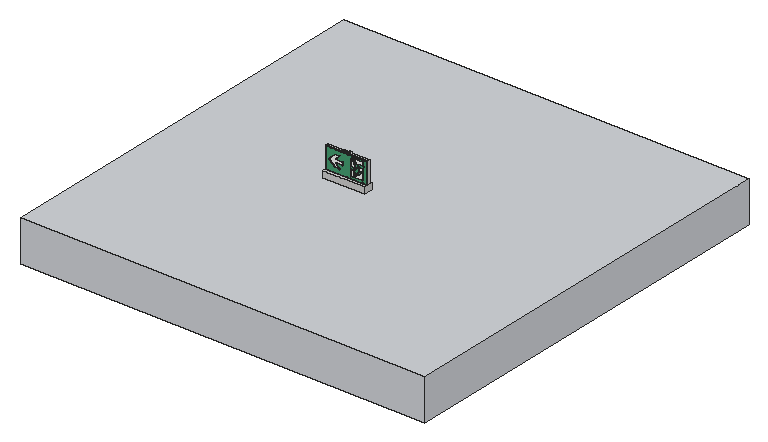
Revit family
Parameters (values of type "PURESIGN 150 AD NSI + RZ-LR ERI")
  Width = 310 mm  # constant formula
  Wattage Comments = ""
  Wattage = 0.38373 W
  built-in parameter 1150110 = 1 (stored number, unit not read)
  Voltage = 230 V
  URL = "http://www.zumtobel.com/42180917"
  Type Comments = "© Zumtobel. We reserve the right to make technical changes without prior notice."  # constant formula
  built-in parameter 1114217 = 1 (stored number, unit not read)
  Tilt Angle = 180.00°
  built-in parameter 1150109 = 1 (stored number, unit not read)
  built-in parameter 1150134 = 12
  built-in parameter 1150113 = 1 (stored number, unit not read)
  Photometric Web File = "D31336AA_NE2_NSI.IES"
  built-in parameter 1150105 = 4.5359 (stored number, unit not read)
  Lumens = 57 lm
  built-in parameter 1150115 = 1 (stored number, unit not read)
  built-in parameter 1150137 = (empty or 0)
  built-in parameter 1150139 = (empty or 0)
  built-in parameter 1150112 = 1 (stored number, unit not read)
  built-in parameter 1150114 = 1 (stored number, unit not read)
  built-in parameter 1150132 = 2
  built-in parameter 1150102 = (empty or 0)
  built-in parameter 1150107 = 4000 (stored number, unit not read)
  built-in parameter 1150138 = (empty or 0)
  built-in parameter 1150106 = 0.045359 (stored number, unit not read)
  Height = 209.5 mm  # constant formula
  Escape Left & Right = yes
  Escape Bottom = no
  Emit from Rectangle Width = 155 mm
  Emit from Rectangle Length = 305 mm
  Emit Shape Visible in Rendering = no
  built-in parameter 1150104 = 13.8 (stored number, unit not read)
  ERI = yes
  Dimming Lamp Color Temperature Shift = (empty or 0)
  Depth = 65 mm  # constant formula
  Model = "42180917+22168672"
  Manufacturer = "Zumtobel Lighting"  # constant formula
  Lamp = "LED"
  Description = if(ERI, "Escape sign + ERI LED luminaire ceiling surface-mount", "Escape sign LED luminaire ceiling surface-mount")  # "Escape sign + ERI LED luminaire ceiling surface-mount"
  Default Elevation = 0 mm
  Color Filter = 16777215
  Body = Zumtobel_Metal_Aluminium
  built-in parameter 1114218 = 1 (stored number, unit not read)
  built-in parameter 1150133 = 10 (stored number, unit not read)
  Assembly Code = "D5020200"
  Apparent Load = 5 VA
Types (8, lengths in mm): name | Wattage | URL | Photometric Web File | built-in parameter 1150105 | Lumens | built-in parameter 1150106 | Escape Left & Right | Escape Bottom | ERI | Model | Description | Apparent Load
  PURESIGN 150 AD NT1 + RZ-U | 0.302945 W | "http://www.zumtobel.com/42180886" | "D31336AA_NE2_NT1.IES" | 16.03 (stored number, unit not read) | 45 lm | 0.1603 (stored number, unit not read) | no | yes | no | "42180886+22168644" | "Escape sign LED luminaire ceiling surface-mount" | 4.5 VA
  PURESIGN 150 AD NSI + RZ-LR | 0.302945 W | "http://www.zumtobel.com/42180883" | "D31336AA_NE2_NSI.IES" | 16.03 (stored number, unit not read) | 45 lm | 0.1603 (stored number, unit not read) | yes | no | no | "42180883+22168643" | "Escape sign LED luminaire ceiling surface-mount" | 5 VA
  PURESIGN 150 AD NSI + RZ-U | 0.302945 W | "http://www.zumtobel.com/42180883" | "D31336AA_NE2_NSI.IES" | 16.03 (stored number, unit not read) | 45 lm | 0.1603 (stored number, unit not read) | no | yes | no | "42180883+22168644" | "Escape sign LED luminaire ceiling surface-mount" | 5 VA
  PURESIGN 150 AD NT1 + RZ-LR | 0.302945 W | "http://www.zumtobel.com/42180886" | "D31336AA_NE2_NSI.IES" | 16.03 (stored number, unit not read) | 45 lm | 0.1603 (stored number, unit not read) | yes | no | no | "42180886+22168643" | "Escape sign LED luminaire ceiling surface-mount" | 4.5 VA
  PURESIGN 150 AD NT1 + RZ-U ERI | 0.38373 W | "http://www.zumtobel.com/42180920" | "D31336AA_NE2_NT1.IES" | 4.5359 (stored number, unit not read) | 57 lm | 0.045359 (stored number, unit not read) | no | yes | yes | "42180920+22168673" | "Escape sign + ERI LED luminaire ceiling surface-mount" | 4.5 VA
  PURESIGN 150 AD NT1 + RZ-LR ERI | 0.38373 W | "http://www.zumtobel.com/42180920" | "D31336AA_NE2_NT1.IES" | 4.5359 (stored number, unit not read) | 57 lm | 0.045359 (stored number, unit not read) | yes | no | yes | "42180920+22168672" | "Escape sign + ERI LED luminaire ceiling surface-mount" | 4.5 VA
  PURESIGN 150 AD NSI + RZ-U ERI | 0.38373 W | "http://www.zumtobel.com/42180917" | "D31336AA_NE2_NSI.IES" | 4.5359 (stored number, unit not read) | 57 lm | 0.045359 (stored number, unit not read) | no | yes | yes | "42180917+22168673" | "Escape sign + ERI LED luminaire ceiling surface-mount" | 5 VA
  PURESIGN 150 AD NSI + RZ-LR ERI | 0.38373 W | "http://www.zumtobel.com/42180917" | "D31336AA_NE2_NSI.IES" | 4.5359 (stored number, unit not read) | 57 lm | 0.045359 (stored number, unit not read) | yes | no | yes | "42180917+22168672" | "Escape sign + ERI LED luminaire ceiling surface-mount" | 5 VA
Reference planes
  plane 1 "Center (Front/Back)": y = 0
  plane 2 "Bottom": z = 0
  plane 3 "Back": y = 80
  plane 4 "Front": y = -80
  plane 5 "Center (Left/Right)": x = -735.5
  plane 6 "Light Source Axis": z = 129.5
  plane 7 "Left": x = -890.5
  plane 8 "Right": x = -580.5
  plane 9 "Body Top": z = 49.5
  plane 10: z = 209.5
  plane 11: z = 49.5
Forms (mm)
  Extrusion 1, solid
    sketch origin (123, 0, 0) x (1, 0, 0) y (0, 1, 0)
      loop
        line (-2085.5, 1500) -> (-2085.5, -1500) -> (914.5, -1500) -> (914.5, 1500) -> (-2085.5, 1500)
    from 0 to -304.8
  Extrusion 2, solid, material "Zumtobel_Metal_Aluminium" <- "Body"
    sketch origin (0, 0, 0) x (1, 0, 0) y (0, 1, 0)
      loop
        line (-890.5, 32.5) -> (-890.5, -32.5) -> (-580.5, -32.5) -> (-580.5, 32.5) -> (-890.5, 32.5)
    from 49.5 to 0
  Extrusion 3, solid, material "Zumtobel_Escape_Sign_Green_Self_Illumination", visible <- "Escape Bottom"
    sketch origin (0, 0, -290.5) x (1, 0, 0) y (0, 0, 1)
      loop
        line (-653.853, 428.358) -> (-651.685, 449.523)
        arc (-651.685, 449.523) -> (-650.098, 453.355) -> (-646.266, 454.942) r 5.42
        line (-646.266, 454.942) -> (-605.191, 454.942)
        arc (-605.191, 454.942) -> (-610.804, 446.945) -> (-620.08, 443.875) r 15.55
        line (-620.08, 443.875) -> (-638.222, 443.875)
        arc (-638.222, 443.875) -> (-639.916, 443.173) -> (-640.618, 441.479) r 2.396
        line (-640.618, 441.479) -> (-641.645, 425.619)
        arc (-641.645, 425.619) -> (-642.427, 420.108) -> (-644.041, 414.78) r 36.444
        line (-644.041, 414.78) -> (-652.084, 398.521) -> (-641.987, 398.521)
        arc (-641.987, 398.521) -> (-641.138, 398.917) -> (-640.504, 399.605) r 2.419
        line (-640.504, 399.605) -> (-632.537, 412.595)
        arc (-632.537, 412.595) -> (-626.032, 414.154) -> (-624.473, 407.649) r 4.73
        line (-624.473, 407.649) -> (-632.574, 394.186)
        arc (-632.574, 394.186) -> (-636.651, 390.46) -> (-642.101, 389.565) r 9.697
        line (-642.101, 389.565) -> (-668.115, 389.565)
        arc (-668.115, 389.565) -> (-674.077, 391.815) -> (-678.786, 396.109) r 16.93
        line (-678.786, 396.109) -> (-687.626, 407.934) -> (-701.546, 407.934) -> (-701.546, 355.05) -> (-616.828, 355.05) -> (-616.828, 441.529)
        arc (-616.828, 441.529) -> (-607.672, 446.126) -> (-602.452, 454.942) r 18.189
        line (-602.452, 454.942) -> (-602.452, 457.738) -> (-616.828, 457.738) -> (-616.828, 476.336) -> (-608.164, 485) -> (-664.125, 485) -> (-672.132, 477.526)
        arc (-672.132, 477.526) -> (-675.189, 475.513) -> (-678.74, 474.624) r 10.907
        line (-678.74, 474.624) -> (-687.911, 474.624) -> (-677.077, 485) -> (-692.881, 485) -> (-701.546, 476.336) -> (-701.546, 417.804) -> (-685.344, 417.804)
        arc (-685.344, 417.804) -> (-682.127, 416.399) -> (-679.582, 413.981) r 10.138
        line (-679.582, 413.981) -> (-673.249, 405.424) -> (-665.434, 421.797) -> (-689.794, 471.715) -> (-679.582, 471.715)
        arc (-679.582, 471.715) -> (-676.908, 470.985) -> (-674.976, 468.998) r 5.263
        line (-674.976, 468.998) -> (-653.853, 428.358)
      loop
        line (-825.836, 368.414) -> (-799.195, 368.414) -> (-799.195, 422.664) -> (-767.953, 389.161) -> (-767.953, 423.799) -> (-812.516, 471.586) -> (-857.078, 423.799) -> (-857.078, 389.161) -> (-825.836, 422.664) -> (-825.836, 368.414)
      loop
        circle (-670.78, 377.395) r 10.133
      loop
        line (-583, 342.5) -> (-583, 497.5) -> (-888, 497.5) -> (-888, 342.5) -> (-583, 342.5)
    from -10 to 10
  Extrusion 4, solid, material "Zumtobel_Escape_Sign_White_Self_Illumination", visible <- "Escape Bottom"
    sketch origin (0, 0, -290.5) x (1, 0, 0) y (0, 0, 1)
      loop
        line (-653.853, 428.358) -> (-651.685, 449.523)
        arc (-651.685, 449.523) -> (-650.098, 453.355) -> (-646.266, 454.942) r 5.42
        line (-646.266, 454.942) -> (-605.191, 454.942)
        arc (-605.191, 454.942) -> (-610.804, 446.945) -> (-620.08, 443.875) r 15.55
        line (-620.08, 443.875) -> (-638.222, 443.875)
        arc (-638.222, 443.875) -> (-639.916, 443.173) -> (-640.618, 441.479) r 2.396
        line (-640.618, 441.479) -> (-641.645, 425.619)
        arc (-641.645, 425.619) -> (-642.427, 420.108) -> (-644.041, 414.78) r 36.444
        line (-644.041, 414.78) -> (-652.084, 398.521) -> (-641.987, 398.521)
        arc (-641.987, 398.521) -> (-641.138, 398.917) -> (-640.504, 399.605) r 2.419
        line (-640.504, 399.605) -> (-632.537, 412.595)
        arc (-632.537, 412.595) -> (-626.032, 414.154) -> (-624.473, 407.649) r 4.73
        line (-624.473, 407.649) -> (-632.574, 394.186)
        arc (-632.574, 394.186) -> (-636.651, 390.46) -> (-642.101, 389.565) r 9.697
        line (-642.101, 389.565) -> (-668.115, 389.565)
        arc (-668.115, 389.565) -> (-674.077, 391.815) -> (-678.786, 396.109) r 16.93
        line (-678.786, 396.109) -> (-687.626, 407.934) -> (-701.546, 407.934) -> (-701.546, 355.05) -> (-616.828, 355.05) -> (-616.828, 441.529)
        arc (-616.828, 441.529) -> (-607.672, 446.126) -> (-602.452, 454.942) r 18.189
        line (-602.452, 454.942) -> (-602.452, 457.738) -> (-616.828, 457.738) -> (-616.828, 476.336) -> (-608.164, 485) -> (-664.125, 485) -> (-672.132, 477.526)
        arc (-672.132, 477.526) -> (-675.189, 475.513) -> (-678.74, 474.624) r 10.907
        line (-678.74, 474.624) -> (-687.911, 474.624) -> (-677.077, 485) -> (-692.881, 485) -> (-701.546, 476.336) -> (-701.546, 417.804) -> (-685.344, 417.804)
        arc (-685.344, 417.804) -> (-682.127, 416.399) -> (-679.582, 413.981) r 10.138
        line (-679.582, 413.981) -> (-673.249, 405.424) -> (-665.434, 421.797) -> (-689.794, 471.715) -> (-679.582, 471.715)
        arc (-679.582, 471.715) -> (-676.908, 470.985) -> (-674.976, 468.998) r 5.263
        line (-674.976, 468.998) -> (-653.853, 428.358)
      loop
        line (-825.836, 368.414) -> (-799.195, 368.414) -> (-799.195, 422.664) -> (-767.953, 389.161) -> (-767.953, 423.799) -> (-812.516, 471.586) -> (-857.078, 423.799) -> (-857.078, 389.161) -> (-825.836, 422.664) -> (-825.836, 368.414)
      loop
        circle (-670.78, 377.395) r 10.133
    from -10 to 10
  Extrusion 5, solid, material "Zumtobel_Metal_Aluminium" <- "Body"
    sketch origin (0, 0, -290.5) x (1, 0, 0) y (0, 0, 1)
      loop
        line (-888, 497.5) -> (-888, 342.5) -> (-583, 342.5) -> (-583, 497.5) -> (-888, 497.5)
      loop
        line (-890.5, 500) -> (-890.5, 340) -> (-580.5, 340) -> (-580.5, 500) -> (-890.5, 500)
    from -10 to 10
  Extrusion 6, solid, material "Zumtobel_Escape_Sign_Green_Self_Illumination", visible <- "Escape Left & Right"
    sketch origin (-500, 0, -290.5) x (1, 0, 0) y (0, 0, 1)
      loop
        line (-153.853, 428.358) -> (-151.685, 449.523)
        arc (-151.685, 449.523) -> (-150.098, 453.355) -> (-146.266, 454.942) r 5.42
        line (-146.266, 454.942) -> (-105.191, 454.942)
        arc (-105.191, 454.942) -> (-110.804, 446.945) -> (-120.08, 443.875) r 15.55
        line (-120.08, 443.875) -> (-138.222, 443.875)
        arc (-138.222, 443.875) -> (-139.916, 443.173) -> (-140.618, 441.479) r 2.396
        line (-140.618, 441.479) -> (-141.645, 425.619)
        arc (-141.645, 425.619) -> (-142.427, 420.108) -> (-144.041, 414.78) r 36.444
        line (-144.041, 414.78) -> (-152.084, 398.521) -> (-141.987, 398.521)
        arc (-141.987, 398.521) -> (-141.138, 398.917) -> (-140.504, 399.605) r 2.419
        line (-140.504, 399.605) -> (-132.537, 412.595)
        arc (-132.537, 412.595) -> (-126.032, 414.154) -> (-124.473, 407.649) r 4.73
        line (-124.473, 407.649) -> (-132.574, 394.186)
        arc (-132.574, 394.186) -> (-136.651, 390.46) -> (-142.101, 389.565) r 9.697
        line (-142.101, 389.565) -> (-168.115, 389.565)
        arc (-168.115, 389.565) -> (-174.077, 391.815) -> (-178.786, 396.109) r 16.93
        line (-178.786, 396.109) -> (-187.626, 407.934) -> (-201.546, 407.934) -> (-201.546, 355.05) -> (-116.828, 355.05) -> (-116.828, 441.529)
        arc (-116.828, 441.529) -> (-107.672, 446.126) -> (-102.452, 454.942) r 18.189
        line (-102.452, 454.942) -> (-102.452, 457.738) -> (-116.828, 457.738) -> (-116.828, 476.336) -> (-108.164, 485) -> (-164.125, 485) -> (-172.132, 477.526)
        arc (-172.132, 477.526) -> (-175.189, 475.513) -> (-178.74, 474.624) r 10.907
        line (-178.74, 474.624) -> (-187.911, 474.624) -> (-177.077, 485) -> (-192.881, 485) -> (-201.546, 476.336) -> (-201.546, 417.804) -> (-185.344, 417.804)
        arc (-185.344, 417.804) -> (-182.127, 416.399) -> (-179.582, 413.981) r 10.138
        line (-179.582, 413.981) -> (-173.249, 405.424) -> (-165.434, 421.797) -> (-189.794, 471.715) -> (-179.582, 471.715)
        arc (-179.582, 471.715) -> (-176.908, 470.985) -> (-174.976, 468.998) r 5.263
        line (-174.976, 468.998) -> (-153.853, 428.358)
      loop
        line (-261.414, 406.195) -> (-261.414, 432.836) -> (-315.664, 432.836) -> (-282.161, 464.078) -> (-316.799, 464.078) -> (-364.586, 419.516) -> (-316.799, 374.953) -> (-282.161, 374.953) -> (-315.664, 406.195) -> (-261.414, 406.195)
      loop
        circle (-170.78, 377.395) r 10.133
      loop
        line (-83, 342.5) -> (-83, 497.5) -> (-388, 497.5) -> (-388, 342.5) -> (-83, 342.5)
    from -10 to 10
  Extrusion 7, solid, material "Zumtobel_Escape_Sign_White_Self_Illumination", visible <- "Escape Left & Right"
    sketch origin (-500, 0, -290.5) x (1, 0, 0) y (0, 0, 1)
      loop
        line (-153.853, 428.358) -> (-151.685, 449.523)
        arc (-151.685, 449.523) -> (-150.098, 453.355) -> (-146.266, 454.942) r 5.42
        line (-146.266, 454.942) -> (-105.191, 454.942)
        arc (-105.191, 454.942) -> (-110.804, 446.945) -> (-120.08, 443.875) r 15.55
        line (-120.08, 443.875) -> (-138.222, 443.875)
        arc (-138.222, 443.875) -> (-139.916, 443.173) -> (-140.618, 441.479) r 2.396
        line (-140.618, 441.479) -> (-141.645, 425.619)
        arc (-141.645, 425.619) -> (-142.427, 420.108) -> (-144.041, 414.78) r 36.444
        line (-144.041, 414.78) -> (-152.084, 398.521) -> (-141.987, 398.521)
        arc (-141.987, 398.521) -> (-141.138, 398.917) -> (-140.504, 399.605) r 2.419
        line (-140.504, 399.605) -> (-132.537, 412.595)
        arc (-132.537, 412.595) -> (-126.032, 414.154) -> (-124.473, 407.649) r 4.73
        line (-124.473, 407.649) -> (-132.574, 394.186)
        arc (-132.574, 394.186) -> (-136.651, 390.46) -> (-142.101, 389.565) r 9.697
        line (-142.101, 389.565) -> (-168.115, 389.565)
        arc (-168.115, 389.565) -> (-174.077, 391.815) -> (-178.786, 396.109) r 16.93
        line (-178.786, 396.109) -> (-187.626, 407.934) -> (-201.546, 407.934) -> (-201.546, 355.05) -> (-116.828, 355.05) -> (-116.828, 441.529)
        arc (-116.828, 441.529) -> (-107.672, 446.126) -> (-102.452, 454.942) r 18.189
        line (-102.452, 454.942) -> (-102.452, 457.738) -> (-116.828, 457.738) -> (-116.828, 476.336) -> (-108.164, 485) -> (-164.125, 485) -> (-172.132, 477.526)
        arc (-172.132, 477.526) -> (-175.189, 475.513) -> (-178.74, 474.624) r 10.907
        line (-178.74, 474.624) -> (-187.911, 474.624) -> (-177.077, 485) -> (-192.881, 485) -> (-201.546, 476.336) -> (-201.546, 417.804) -> (-185.344, 417.804)
        arc (-185.344, 417.804) -> (-182.127, 416.399) -> (-179.582, 413.981) r 10.138
        line (-179.582, 413.981) -> (-173.249, 405.424) -> (-165.434, 421.797) -> (-189.794, 471.715) -> (-179.582, 471.715)
        arc (-179.582, 471.715) -> (-176.908, 470.985) -> (-174.976, 468.998) r 5.263
        line (-174.976, 468.998) -> (-153.853, 428.358)
      loop
        line (-261.414, 406.195) -> (-261.414, 432.836) -> (-315.664, 432.836) -> (-282.161, 464.078) -> (-316.799, 464.078) -> (-364.586, 419.516) -> (-316.799, 374.953) -> (-282.161, 374.953) -> (-315.664, 406.195) -> (-261.414, 406.195)
      loop
        circle (-170.78, 377.395) r 10.133
    from -10 to 10
  Extrusion 8, solid, material "Zumtobel_Escape_Sign_White_Self_Illumination", visible <- "ERI"
    sketch origin (-715.596, -755.5, 129.5) x (0, 0, 1) y (0, -1, 0)
      loop
        line (80, -748) -> (80, -763) -> (87, -763) -> (90, -760) -> (87, -760) -> (90, -757) -> (84.001, -757) -> (87.001, -754) -> (82.501, -754) -> (85.501, -751) -> (82.501, -751) -> (82.501, -748) -> (80, -748)
    from -7.5 to 7.5
  Extrusion 9, solid, material "Zumtobel_Escape_Sign_White_Self_Illumination", visible <- "ERI"
    sketch origin (-755.5, 755.5, 129.5) x (0, 0, 1) y (0, 1, 0)
      loop
        line (80, -748) -> (80, -763) -> (87, -763) -> (90, -760) -> (87, -760) -> (90, -757) -> (84.001, -757) -> (87.001, -754) -> (82.501, -754) -> (85.501, -751) -> (82.501, -751) -> (82.501, -748) -> (80, -748)
    from -7.5 to 7.5
Lines and regions (mm)
  symbolic lines, not visible, detail levels coarse
    curve 1: line (-735.5, 80, 0) -> (-735.5, -80, 0)
    curve 2: line (-735.5, 80, 0) -> (-735.5, -80, 0)
Dimensions and locks
  locked: plane 9 "Body Top" to plane 2 "Bottom" at 49.5
  aligned and locked: plane 2 "Bottom" to Extrusion 1
  aligned and locked: level to Extrusion 1
  aligned: plane 2 "Bottom" to Extrusion 2
  aligned and locked: imposter light to plane 6 "Light Source Axis"
  aligned and locked: plane 9 "Body Top" to Extrusion 2
  aligned and locked: Extrusion 2 to plane 2 "Bottom"
Connectors
  electrical at (-735.5, 0, 0), driven by "Apparent Load", driven by "Voltage"
    settings: index 1
